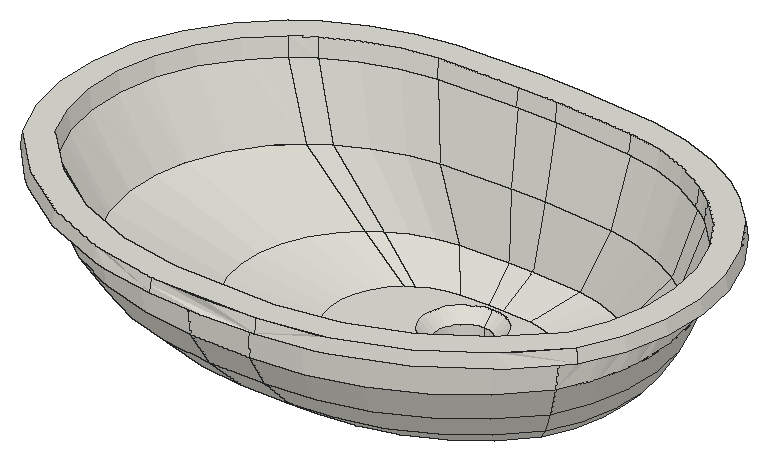
Revit family "Lav-Corian-European-Calm-815", category Plumbing Fixtures, host Face, Revit 2015 (continued)
Automatic sketch dimensions
  SweptBlend 11 sketch curve to SweptBlend 11 sketch curve = 99.946 mm
  SweptBlend 11 sketch curve to SweptBlend 11 sketch curve = 239.446 mm
  SweptBlend 11 sketch curve to SweptBlend 11 sketch curve = 60.316 mm
  SweptBlend 11 sketch curve to SweptBlend 11 sketch curve = 11.275 mm  (x2)
  SweptBlend 12 sketch curve to profile plane = 6.952 mm  (x2)
  SweptBlend 12 sketch curve to SweptBlend 12 sketch curve = 2.235 mm  (x2)
  SweptBlend 12 sketch curve to SweptBlend 12 sketch curve = 0 mm  (x10)
  SweptBlend 12 sketch curve to plane 3 "Center (Left/Right)" = 32.839 mm
  SweptBlend 12 sketch curve to SweptBlend 12 sketch curve = 1.983 mm  (x2)
  SweptBlend 12 sketch curve to SweptBlend 12 sketch curve = 5.034 mm  (x2)
  SweptBlend 12 sketch curve to plane 3 "Center (Left/Right)" = 11.533 mm
  SweptBlend 12 sketch curve to profile plane = 2.561 mm  (x2)
  SweptBlend 12 sketch curve to plane 3 "Center (Left/Right)" = 10.239 mm
  SweptBlend 12 sketch curve to plane 3 "Center (Left/Right)" = 6.55 mm
  plane 3 "Center (Left/Right)" to SweptBlend 12 sketch curve = 6.55 mm
  plane 3 "Center (Left/Right)" to SweptBlend 12 sketch curve = 10.239 mm
  plane 3 "Center (Left/Right)" to SweptBlend 12 sketch curve = 11.533 mm
  plane 3 "Center (Left/Right)" to SweptBlend 12 sketch curve = 25.822 mm
  profile plane to SweptBlend 12 sketch curve = 28.271 mm  (x2)
  SweptBlend 12 sketch curve to SweptBlend 12 sketch curve = 1.315 mm  (x2)
  SweptBlend 12 sketch curve to SweptBlend 12 sketch curve = 8.062 mm  (x2)
  SweptBlend 12 sketch curve to SweptBlend 12 sketch curve = 58.807 mm
  SweptBlend 12 sketch curve to SweptBlend 12 sketch curve = 140.886 mm
  SweptBlend 12 sketch curve to SweptBlend 12 sketch curve = 35.489 mm
  SweptBlend 12 sketch curve to SweptBlend 12 sketch curve = 6.634 mm  (x2)
  SweptBlend 10 sketch curve to plane 3 "Center (Left/Right)" = 0 mm
  profile plane to SweptBlend 10 sketch curve = 10.276 mm  (x2)
  SweptBlend 10 sketch curve to plane 3 "Center (Left/Right)" = 27.781 mm
  SweptBlend 10 sketch curve to SweptBlend 10 sketch curve = 5.38 mm
  SweptBlend 10 sketch curve to SweptBlend 10 sketch curve = 3.567 mm  (x2)
  Sweep 6 sketch curve to plane 3 "Center (Left/Right)" = 0 mm
  Sweep 6 sketch curve to plane 12 = 10.276 mm  (x2)
  plane 3 "Center (Left/Right)" to Sweep 6 sketch curve = 27.781 mm
  plane 1 "Center (Front/Back)" to Sweep 6 sketch curve = 22.914 mm  (x2)
  plane 3 "Center (Left/Right)" to Sweep 6 sketch curve = 70.058 mm
  plane 1 "Center (Front/Back)" to Sweep 6 sketch curve = 1.041 mm  (x2)
  Sweep 6 sketch curve to Sweep 6 sketch curve = 13.659 mm  (x2)
  Sweep 6 sketch curve to plane 1 "Center (Front/Back)" = 2.527 mm  (x2)
  Sweep 6 sketch curve to Sweep 6 sketch curve = 5.38 mm  (x2)
  Sweep 6 sketch curve to plane 3 "Center (Left/Right)" = 17.77 mm
  Sweep 6 sketch curve to plane 3 "Center (Left/Right)" = 27.781 mm
  Sweep 6 sketch curve to plane 3 "Center (Left/Right)" = 70.058 mm
  plane 15 to Sweep 6 sketch curve = 74.982 mm
  Sweep 6 sketch curve to plane 16 = 355.711 mm
  Sweep 6 sketch curve to Sweep 6 sketch curve = 0 mm  (x5)
  plane 8 to Sweep 6 sketch curve = 2.314 mm  (x2)
  plane 3 "Center (Left/Right)" to Sweep 6 sketch curve = 46.485 mm
  Sweep 6 sketch curve to Sweep 6 sketch curve = 17.999 mm  (x2)
  profile plane to Sweep 6 sketch curve = 25.4 mm
  Sweep 6 sketch curve to plane 9 "NAME" = 0 mm
  profile plane to Sweep 6 sketch curve = 23.447 mm
  profile plane to Sweep 6 sketch curve = 7.33 mm
  Sweep 6 sketch curve to Sweep 6 sketch curve = 0.577 mm
  Sweep 6 sketch curve to Sweep 6 sketch curve = 7.33 mm
  Sweep 6 sketch curve to Sweep 6 sketch curve = 9.063 mm
  Sweep 6 sketch curve to plane 9 "NAME" = 12.331 mm
  Sweep 6 sketch curve to Sweep 6 sketch curve = 4.108 mm
  plane 3 "Center (Left/Right)" to Sweep 6 sketch curve = 17.77 mm
  Sweep 6 sketch curve to plane 7 = 1.685 mm
  Masking region 1 sketch curve to plane 3 "Center (Left/Right)" = 0 mm
  Masking region 1 sketch curve to plane 7 = 1.685 mm
  plane 3 "Center (Left/Right)" to Masking region 1 sketch curve = 17.77 mm
  Masking region 1 sketch curve to plane 12 = 10.276 mm  (x2)
  plane 3 "Center (Left/Right)" to Masking region 1 sketch curve = 27.781 mm
  plane 1 "Center (Front/Back)" to Masking region 1 sketch curve = 22.914 mm  (x2)
  plane 3 "Center (Left/Right)" to Masking region 1 sketch curve = 70.058 mm
  plane 1 "Center (Front/Back)" to Masking region 1 sketch curve = 1.041 mm  (x2)
  Masking region 1 sketch curve to Masking region 1 sketch curve = 13.659 mm  (x2)
  Masking region 1 sketch curve to plane 1 "Center (Front/Back)" = 2.527 mm  (x2)
  Masking region 1 sketch curve to Masking region 1 sketch curve = 5.38 mm  (x2)
  Masking region 1 sketch curve to plane 3 "Center (Left/Right)" = 17.77 mm
  Masking region 1 sketch curve to plane 3 "Center (Left/Right)" = 27.781 mm
  Masking region 1 sketch curve to plane 3 "Center (Left/Right)" = 70.058 mm
  plane 15 to Masking region 1 sketch curve = 74.982 mm
  Masking region 1 sketch curve to plane 16 = 355.711 mm
  Masking region 1 sketch curve to Masking region 1 sketch curve = 0 mm  (x5)
  plane 8 to Masking region 1 sketch curve = 2.314 mm  (x2)
  plane 3 "Center (Left/Right)" to Masking region 1 sketch curve = 46.485 mm
  Masking region 1 sketch curve to Masking region 1 sketch curve = 17.999 mm  (x2)
  Extrusion 1 sketch curve to plane 3 "Center (Left/Right)" = 0 mm
  Extrusion 1 sketch curve to plane 12 = 10.276 mm  (x2)
  Extrusion 1 sketch curve to Extrusion 1 sketch curve = 0 mm  (x4)
  plane 8 to Extrusion 1 sketch curve = 2.314 mm
  Revolve 13 sketch curve to plane 4 = 0 mm
  Revolve 13 sketch curve to Revolve 13 sketch curve = 0 mm  (x2)
  radius of Masking region 3 sketch curve = 23.738 mm
  radius of Masking region 2 sketch curve = 34.345 mm
Connectors
  piping at (0, 96.455, -189.8), diameter 45
    settings: on cut or joined group of SweptBlend 2, SweptBlend 3, SweptBlend 4, SweptBlend 5, SweptBlend 7, SweptBlend 8, SweptBlend 9, SweptBlend 10, SweptBlend 11, SweptBlend 12, Revolve 13, index 1, connector inside diameter 24", connector length 0 mm, flow factor 0, pipe flow 0 GPM, pressure drop 0.00 psi, fitting loss kfactor 0, connector angle 0.00°, fixture units 0, engagement length 0 mm, angle of deflection 0.00°, flow configuration 0, flow direction 2, fitting loss method 0, system type 16, joint type 0, gender type 0, connector reference index -1, connector utility 0, adjustable connector no, is connector primary yes, connector description "Drain"
